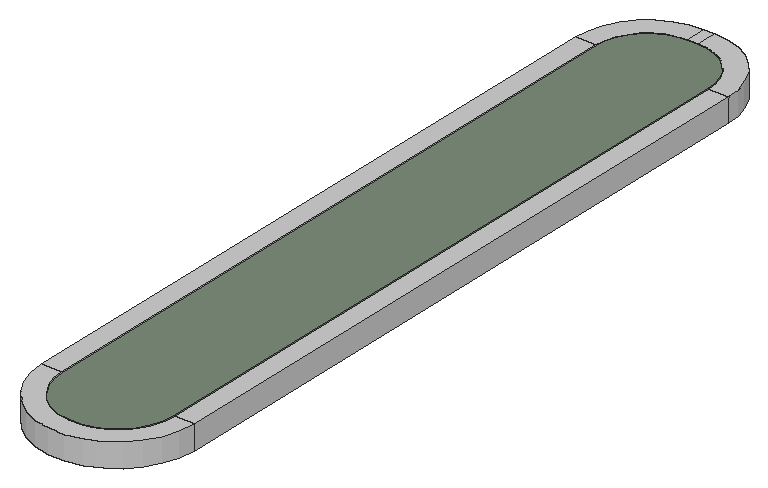
Revit family
Parameters (values of type "2750 x 6100mm - 90도")
  각도 = 90.00°
  길이 = 6100 mm
Types (5, lengths in mm): name | 각도
  (no name) | 90.00°
  2750 x 6100mm - 60도 | 60.00°
  2750 x 6100mm - 70도 | 70.00°
  2750 x 6100mm - 80도 | 80.00°
  2750 x 6100mm - 90도 | 90.00°
Reference planes
  plane 1: z = 0
  plane 2 "중심(왼쪽/오른쪽)": x = 1264.962
  plane 3 "중심(앞/뒤)": y = 859.225
  plane 4: y = -4135.875
  plane 5: x = 1874.562
  plane 6: y = 1392.625
  plane 7: y = -4707.375
Forms (mm)
  Sweep 1, solid, material "콘크리트 - 현장타설 콘크리트"
    path origin (0, 0, 0) x (1, 0, 0) y (0, 1, 0)
      loop
        line (731.562, 859.225) -> (731.562, -4135.875)
        arc (731.562, -4135.875) -> (1303.062, -4707.375) -> (1874.562, -4135.875) r 571.5
        line (1874.562, -4135.875) -> (1874.562, 859.225)
        arc (1874.562, 859.225) -> (1718.333, 1236.396) -> (1341.162, 1392.625) r 533.4
        line (1341.162, 1392.625) -> (1264.962, 1392.625)
        arc (1264.962, 1392.625) -> (887.791, 1236.396) -> (731.562, 859.225) r 533.4
    profile origin (0, -1638.325, 0) x (1, 0, 0) y (0, 0, 1)
      loop
        line (731.562, 0) -> (883.962, 0) -> (883.962, 177.8) -> (731.562, 177.8) -> (731.562, 0)
  Extrusion 2, solid, material "대지 - 잔디"
    sketch origin (0, 0, 0) x (1, 0, 0) y (0, 1, 0)
      loop
        arc (1264.962, 1240.225) -> (995.554, 1128.633) -> (883.962, 859.225) r 381
        line (883.962, 859.225) -> (883.962, -4135.875)
        arc (883.962, -4135.875) -> (1303.062, -4554.975) -> (1722.162, -4135.875) r 419.1
        line (1722.162, -4135.875) -> (1722.162, 859.225)
        arc (1722.162, 859.225) -> (1610.57, 1128.633) -> (1341.162, 1240.225) r 381
        line (1341.162, 1240.225) -> (1264.962, 1240.225)
    from 0 to 177.8
Dimensions and locks
  "길이": plane 7 to plane 6
  locked: plane 7 to plane 4 at 571.5
  locked: plane 3 "중심(앞/뒤)" to plane 6 at 533.4
  locked: plane 3 "중심(앞/뒤)" to Sweep 1 sketch curve at 533.4
  locked: Sweep 1 sketch curve to Sweep 1 sketch curve at 1143
  locked: plane 3 "중심(앞/뒤)" to Extrusion 2 sketch curve at 381
  locked: Extrusion 2 sketch curve to Extrusion 2 sketch curve at 838.2
  "각도": angle plane 4 to Sweep 1 sketch curve
  "각도": angle plane 4 to Extrusion 2 sketch curve
Automatic sketch dimensions
  Sweep 1 sketch curve to plane 4 = 0 mm
  Sweep 1 sketch curve to plane 3 "중심(앞/뒤)" = 0 mm  (x2)
  Sweep 1 sketch curve to plane 2 "중심(왼쪽/오른쪽)" = 0 mm
  Sweep 1 sketch curve to profile plane = 0 mm
  Sweep 1 sketch curve to level = 0 mm
  Sweep 1 sketch curve to profile plane = 152.4 mm
  level to Sweep 1 sketch curve = 177.8 mm
  Extrusion 2 sketch curve to plane 3 "중심(앞/뒤)" = 0 mm  (x2)
  Extrusion 2 sketch curve to plane 4 = 0 mm
  Extrusion 2 sketch curve to plane 2 "중심(왼쪽/오른쪽)" = 0 mm
